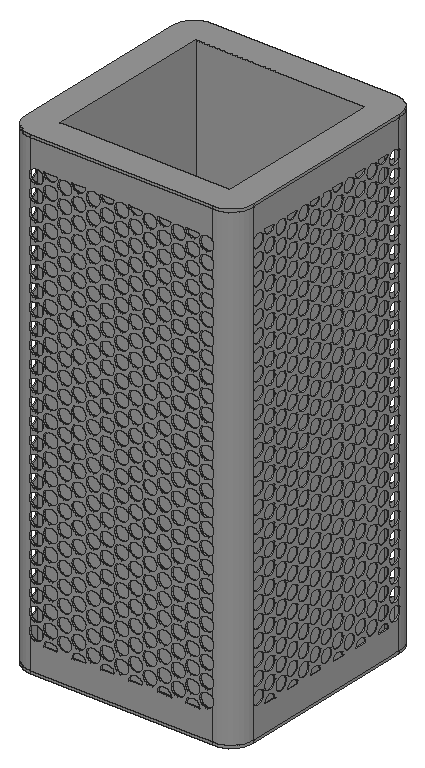
Revit family "Урна стальная «Ферия» Арт 12962", category Антураж, Revit 2018 (continued)
Forms (mm)
  Extrusion 8, void
    sketch origin (400, 400, 0) x (0, -1, 0) y (0, 0, -1)
      loop
        circle (275, -140) r 12.5
      loop
        circle (225, -140) r 12.5
      loop
        circle (250, -127.5) r 12.5
      loop
        circle (100, -97.5) r 12.5
      loop
        circle (75, -110) r 12.5
      loop
        circle (125, -110) r 12.5
      loop
        circle (200, -97.5) r 12.5
      loop
        circle (175, -110) r 12.5
      loop
        circle (150, -97.5) r 12.5
      loop
        circle (300, -97.5) r 12.5
      loop
        circle (325, -110) r 12.5
      loop
        circle (275, -110) r 12.5
      loop
        circle (225, -110) r 12.5
      loop
        circle (250, -97.5) r 12.5
      loop
        circle (100, -67.5) r 12.5
      loop
        circle (75, -80) r 12.5
      loop
        circle (125, -80) r 12.5
      loop
        circle (200, -67.5) r 12.5
      loop
        circle (175, -80) r 12.5
      loop
        circle (150, -67.5) r 12.5
      loop
        circle (300, -67.5) r 12.5
      loop
        circle (325, -80) r 12.5
      loop
        circle (275, -80) r 12.5
      loop
        circle (225, -80) r 12.5
      loop
        circle (250, -67.5) r 12.5
      loop
        arc (112.5, -50) -> (125, -62.5) -> (137.5, -50) r 12.5
        line (137.5, -50) -> (112.5, -50)
      loop
        line (187.5, -50) -> (162.5, -50)
        arc (162.5, -50) -> (175, -62.5) -> (187.5, -50) r 12.5
      loop
        arc (312.5, -50) -> (325, -62.5) -> (337.5, -50) r 12.5
        line (337.5, -50) -> (312.5, -50)
      loop
        line (287.5, -50) -> (262.5, -50)
        arc (262.5, -50) -> (275, -62.5) -> (287.5, -50) r 12.5
      loop
        arc (212.5, -50) -> (225, -62.5) -> (237.5, -50) r 12.5
        line (237.5, -50) -> (212.5, -50)
      loop
        circle (50, -787.5) r 12.5
      loop
        circle (50, -757.5) r 12.5
      loop
        circle (50, -727.5) r 12.5
      loop
        circle (50, -697.5) r 12.5
      loop
        circle (50, -667.5) r 12.5
      loop
        circle (50, -637.5) r 12.5
      loop
        circle (50, -607.5) r 12.5
      loop
        circle (50, -577.5) r 12.5
      loop
        circle (50, -547.5) r 12.5
      loop
        circle (50, -517.5) r 12.5
      loop
        circle (50, -487.5) r 12.5
      loop
        circle (50, -457.5) r 12.5
      loop
        circle (50, -427.5) r 12.5
      loop
        circle (50, -397.5) r 12.5
      loop
        circle (50, -367.5) r 12.5
      loop
        circle (50, -337.5) r 12.5
      loop
        circle (50, -307.5) r 12.5
      loop
        circle (50, -277.5) r 12.5
      loop
        circle (50, -247.5) r 12.5
      loop
        circle (50, -217.5) r 12.5
      loop
        circle (50, -187.5) r 12.5
      loop
        circle (50, -157.5) r 12.5
      loop
        circle (50, -127.5) r 12.5
      loop
        circle (50, -97.5) r 12.5
      loop
        circle (50, -67.5) r 12.5
      loop
        circle (350, -787.5) r 12.5
      loop
        circle (350, -757.5) r 12.5
      loop
        circle (350, -727.5) r 12.5
      loop
        circle (350, -697.5) r 12.5
      loop
        circle (350, -667.5) r 12.5
      loop
        circle (350, -637.5) r 12.5
      loop
        circle (350, -607.5) r 12.5
      loop
        circle (350, -577.5) r 12.5
      loop
        circle (350, -547.5) r 12.5
      loop
        circle (350, -517.5) r 12.5
      loop
        circle (350, -487.5) r 12.5
      loop
        circle (350, -457.5) r 12.5
      loop
        circle (350, -427.5) r 12.5
      loop
        circle (350, -397.5) r 12.5
      loop
        circle (350, -367.5) r 12.5
      loop
        circle (350, -337.5) r 12.5
      loop
        circle (350, -307.5) r 12.5
      loop
        circle (350, -277.5) r 12.5
      loop
        circle (350, -247.5) r 12.5
      loop
        circle (350, -217.5) r 12.5
      loop
        circle (350, -187.5) r 12.5
      loop
        circle (350, -157.5) r 12.5
      loop
        circle (350, -127.5) r 12.5
      loop
        circle (350, -97.5) r 12.5
      loop
        circle (350, -67.5) r 12.5
    from -14.489 to 16.155
Cuts and joins
  Extrusion 3, Extrusion 4 cuts Extrusion 2
  Extrusion 5, Extrusion 6, Extrusion 7, Extrusion 8 cuts Extrusion 1
Dimensions and locks
  "Длина": plane 3 "По центру (Влево/Вправо)" to plane 5
  "Ширина": plane 4 to plane 1 "По центру (Вперед/Назад)"
  "Высота": plane 6 to plane 2
  aligned and locked: level to plane 2
Automatic sketch dimensions
  Extrusion 1 sketch curve to Extrusion 1 sketch curve = 0 mm  (x8)
  Extrusion 1 sketch curve to plane 3 "По центру (Влево/Вправо)" = 0 mm
  plane 1 "По центру (Вперед/Назад)" to Extrusion 1 sketch curve = 0 mm
  Extrusion 1 sketch curve to plane 4 = 0 mm
  Extrusion 1 sketch curve to plane 5 = 0 mm
  plane 3 "По центру (Влево/Вправо)" to Extrusion 1 sketch curve = 2 mm
  plane 3 "По центру (Влево/Вправо)" to Extrusion 1 sketch curve = 40 mm
  Extrusion 1 sketch curve to Extrusion 1 sketch curve = 38 mm  (x2)
  Extrusion 1 sketch curve to plane 5 = 40 mm
  Extrusion 2 sketch curve to plane 3 "По центру (Влево/Вправо)" = 0 mm
  Extrusion 2 sketch curve to plane 4 = 0 mm
  plane 1 "По центру (Вперед/Назад)" to Extrusion 2 sketch curve = 0 mm
  Extrusion 2 sketch curve to plane 5 = 0 mm
  plane 3 "По центру (Влево/Вправо)" to Extrusion 2 sketch curve = 40 mm
  Extrusion 2 sketch curve to Extrusion 2 sketch curve = 40 mm
  Extrusion 2 sketch curve to plane 4 = 40 mm
  Extrusion 2 sketch curve to plane 5 = 40 mm
  Extrusion 3 sketch curve to Extrusion 3 sketch curve = 0 mm  (x8)
  Extrusion 3 sketch curve to plane 3 "По центру (Влево/Вправо)" = 0 mm
  Extrusion 3 sketch curve to plane 4 = 0 mm
  plane 1 "По центру (Вперед/Назад)" to Extrusion 3 sketch curve = 0 mm
  Extrusion 3 sketch curve to plane 5 = 0 mm
  plane 3 "По центру (Влево/Вправо)" to Extrusion 3 sketch curve = 25 mm
  Extrusion 3 sketch curve to Extrusion 3 sketch curve = 15 mm  (x4)
  plane 3 "По центру (Влево/Вправо)" to Extrusion 4 sketch curve = 50 mm
  Extrusion 4 sketch curve to plane 5 = 50 mm
  Extrusion 4 sketch curve to plane 1 "По центру (Вперед/Назад)" = 50 mm
  Extrusion 4 sketch curve to plane 4 = 50 mm
  plane 3 "По центру (Влево/Вправо)" to Extrusion 5 sketch curve = 50 mm  (x4)
  Extrusion 5 sketch curve to Extrusion 5 sketch curve = 0 mm  (x25)
  Extrusion 5 sketch curve to Extrusion 5 sketch curve = 12.5 mm  (x186)
  Extrusion 5 sketch curve to Extrusion 5 sketch curve = 25 mm  (x282)
  level to Extrusion 5 sketch curve = 50 mm  (x2)
  Extrusion 5 sketch curve to Extrusion 5 sketch curve = 17.5 mm  (x7)
  Extrusion 5 sketch curve to Extrusion 5 sketch curve = 30 mm  (x168)
  plane 3 "По центру (Влево/Вправо)" to Extrusion 6 sketch curve = 50 mm  (x4)
  Extrusion 6 sketch curve to Extrusion 6 sketch curve = 0 mm  (x25)
  Extrusion 6 sketch curve to Extrusion 6 sketch curve = 12.5 mm  (x211)
  Extrusion 6 sketch curve to Extrusion 6 sketch curve = 25 mm  (x282)
  Extrusion 6 sketch curve to plane 6 = 50 mm  (x2)
  Extrusion 6 sketch curve to Extrusion 6 sketch curve = 30 mm  (x145)
  Extrusion 6 sketch curve to Extrusion 6 sketch curve = 17.5 mm  (x5)
  Extrusion 7 sketch curve to plane 4 = 50 mm  (x4)
  Extrusion 7 sketch curve to Extrusion 7 sketch curve = 0 mm  (x25)
  Extrusion 7 sketch curve to Extrusion 7 sketch curve = 12.5 mm  (x186)
  Extrusion 7 sketch curve to Extrusion 7 sketch curve = 25 mm  (x282)
  level to Extrusion 7 sketch curve = 50 mm  (x2)
  Extrusion 7 sketch curve to Extrusion 7 sketch curve = 17.5 mm  (x7)
  Extrusion 7 sketch curve to Extrusion 7 sketch curve = 30 mm  (x168)
  Extrusion 8 sketch curve to plane 4 = 50 mm  (x4)
  Extrusion 8 sketch curve to Extrusion 8 sketch curve = 0 mm  (x25)
  Extrusion 8 sketch curve to Extrusion 8 sketch curve = 12.5 mm  (x211)
  Extrusion 8 sketch curve to Extrusion 8 sketch curve = 25 mm  (x282)
  Extrusion 8 sketch curve to plane 6 = 50 mm  (x2)
  Extrusion 8 sketch curve to Extrusion 8 sketch curve = 30 mm  (x145)
  Extrusion 8 sketch curve to Extrusion 8 sketch curve = 17.5 mm  (x5)
  radius of Extrusion 5 sketch curve = 12.5 mm  (x319)
  radius of Extrusion 6 sketch curve = 12.5 mm  (x319)
  radius of Extrusion 7 sketch curve = 12.5 mm  (x319)
  radius of Extrusion 8 sketch curve = 12.5 mm  (x319)
